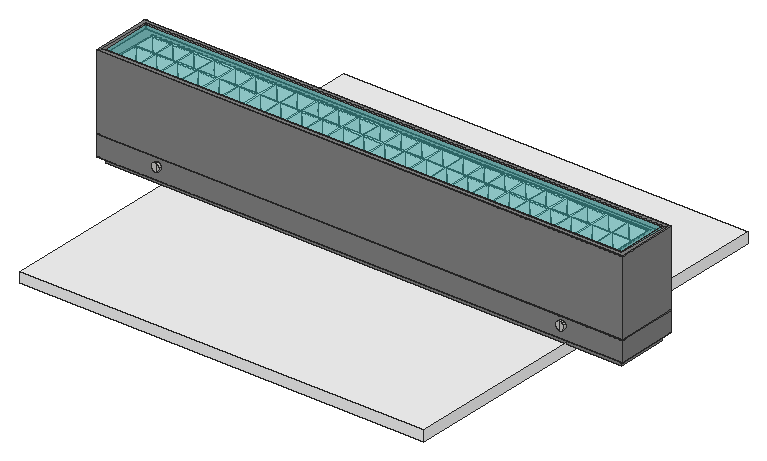
Revit family "BE_24309_de_DE", category Leuchten, Revit 2015
Parameters (values of type "BEGA_24309_Grafit_K4")
  built-in parameter 1150104 = 16.606 (stored number, unit not read)
  Wattage = 16 W
  Default Elevation = 0 mm
  built-in parameter 1150113 = 1 (stored number, unit not read)
  built-in parameter 1114218 = 1 (stored number, unit not read)
  Umgebungstemperatur = "25 °C"
  URL = "http://www.bega.de/produkt/24309"
  Typenkommentare = "© 2017 BEGA. Wir behalten uns das Recht vor, technische Änderungen ohne vorherige Ankündigung vorzunehmen."  # constant formula
  Type Image = 24309.png
  built-in parameter 1150134 = 12
  built-in parameter 1150109 = 1 (stored number, unit not read)
  Strom = ""
  built-in parameter 1150110 = 1 (stored number, unit not read)
  Spannung = 239.996 V
  Sonderanfertigung = no
  Seriennummer [instance] = "Hier können Sie die eindeutige Seriennummer für das Facility Management eintragen."
  Schutzklasse = "I"
  Schutzart = "IP 65"
  Scheinlast = 0 VA
  Produktdatenblatt = "http://www.bega.de/download/Xrfa/db/24309.db.de.pdf"
  Oberflächentemperatur = ""
  Neigungswinkel = 0.00°
  Modell = "24309K4"
  Material_17 = BEGA_Reflektor
  Material_15 = BEGA_Leuchtmedium_matt
  Material_11 = BEGA_Glas_opal
  Material_09 = BEGA_Glas_klar
  Material_06 = BEGA_Oberfläche_Edelstahl_gebürstet
  Material_05 = BEGA_Oberfläche_Aluminium Guss
  Material_03 = BEGA_Oberfläche_Weiss_matt
  Material_02 = BEGA_Oberfläche_Silber_matt
  Material_01 [instance] = BEGA_Oberfläche_Grafit_matt
  M_W = no
  M_G = yes
  M_A = no
  Logo = 0
  built-in parameter 1114217 = 1 (stored number, unit not read)
  built-in parameter 1150139 = (empty or 0)
  built-in parameter 1150105 = 227.59 (stored number, unit not read)
  built-in parameter 1150114 = 1 (stored number, unit not read)
  Lumens = 2860 lm
  built-in parameter 1150115 = 1 (stored number, unit not read)
  Leuchtenlichtstrom = "1584 lm"
  Leuchtenanzahl = ""
  Lebensdauerkriterien = "L70B50 @ 25 °C = 500000 h"
  Lastklassifizierung = Beleuchtung
  built-in parameter 1150112 = 1 (stored number, unit not read)
  Lampenlichtstrom = "2860 lm"
  Lampe = "LED 16 W"
  LED_Modulbezeichnung = "LED-0772/840"
  built-in parameter 1150142 = (empty or 0)
  Hersteller = "BEGA"  # constant formula
  Halbstreuwinkel = ""
  Gewicht = "2.9 kg"
  Gebrauchslageneinschränkung [instance] = ""
  Frequenz = "0/50-60 Hz"
  Farbwiedergabeindex = "Ra > 80"
  Farbtemperaturverschiebung bei Dämpfen der Lampe = <Keine Auswahl>
  Farbtemperatur = "4000 K"
  Color Filter = 16777215
  built-in parameter 1150133 = 10 (stored number, unit not read)
  Energieeffizienzklasse = "LED A++ - A"
  built-in parameter 1150137 = (empty or 0)
  built-in parameter 1150132 = (empty or 0)
  ENEC = ""
  Dimmbar [instance] = "DALI"
  Datei für fotometrisches Netz = "BE_24309K4.IES"
  CE_Konformität = "ja"
  Bestellnummer = "24309K4"
  Beschreibung_Sonderanfertigung = "Hier können Sie Informationen zur Sonderanfertigung eintragen."
  Beschreibung = "Deckenaufbau-Tiefstrahler"
  built-in parameter 1150106 = 2.2759 (stored number, unit not read)
  Befestigungsbohrung = "Ø 7 mm"
  Befestigungsabstand = "320 mm"
  Ballwurfsicher = ""
  BEGA_Intern_aus = yes
  BEGA_Intern_an = yes
  BEGA_Intern_Konstruktion = yes
  BEGA_Intern = yes
  BEGA_IES = yes
  BEGA_Dummy = no
  Anschlussleitung = ""
  Anschlussleistung [instance] = "19 W"
  Anschlusskasten = ""
  built-in parameter 1150107 = 4000 (stored number, unit not read)
  built-in parameter 1150102 = (empty or 0)
  built-in parameter 1150138 = (empty or 0)
  Aktualisierung = "2017-06-23T04:08:42"
  Abstand_zur_angestrahlten_Fläche [instance] = ""
  AC/DC = "AC/DC"
Types (2, lengths in mm): name | built-in parameter 1150104 | built-in parameter 1150134 | Modell | built-in parameter 1150105 | Lumens | Leuchtenlichtstrom | Lampenlichtstrom | LED_Modulbezeichnung | Farbtemperatur | Datei für fotometrisches Netz | Bestellnummer | built-in parameter 1150106 | built-in parameter 1150107
  BEGA_24309_Grafit_K3 | 16.258 (stored number, unit not read) | (empty or 0) | "24309" | 222.82 (stored number, unit not read) | 2800 lm | "1551 lm" | "2800 lm" | "LED-0772/830" | "3000 K" | "BE_24309.IES" | "24309" | 2.2282 (stored number, unit not read) | 3000 (stored number, unit not read)
  BEGA_24309_Grafit_K4 | 16.606 (stored number, unit not read) | 12 | "24309K4" | 227.59 (stored number, unit not read) | 2860 lm | "1584 lm" | "2860 lm" | "LED-0772/840" | "4000 K" | "BE_24309K4.IES" | "24309K4" | 2.2759 (stored number, unit not read) | 4000 (stored number, unit not read)
Reference planes
  plane 1 "Mitte (Vorne/Hinten)": y = 0
  plane 2: z = 0
  plane 3 "Mitte (Links/Rechts)": x = 0
  plane 4 "Links": x = -260.3
  plane 5 "Rechts": x = 260
  plane 6 "Unten": y = -30
  plane 7 "Oben": y = 30
  plane 8 "Vorne": z = 101
  plane 9 "Hinten": z = 0
Forms (mm)
  Extrusion 1, solid, material "BEGA_Platte_Weiss"
    sketch origin (0, -1119.2, 0) x (1, 0, 0) y (0, 1, 0)
      loop
        line (-200, 1319.2) -> (-200, 919.2) -> (200, 919.2) -> (200, 1319.2) -> (-200, 1319.2)
    from 0 to -10
  Extrusion 2, solid, material "BEGA_Dummy_matt", visible <- "BEGA_Dummy"
    sketch origin (80.095, -76.023, 0) x (1, 0, 0) y (0, 1, 0)
      loop
        line (-340.395, 106.023) -> (-340.395, 46.023) -> (179.905, 46.023) -> (179.905, 106.023) -> (-340.395, 106.023)
    from 0 to 101
Dimensions and locks
  plane 1 "Mitte (Vorne/Hinten)" to Extrusion 1 = 200 mm
  aligned and locked: plane 2 to Extrusion 1
  aligned and locked: level to Extrusion 1
Nested families
  nested 1: "BE_24309" at (0, 0, 0) x (-1, 0, 0) z (0, 0, 1), type "BE_24309"
Connectors
  electrical at (0, 0, 0), driven by "Lastklassifizierung", driven by "Spannung", driven by "Scheinlast"
    settings: index 1, voltage 239.996 V, apparent load 0 VA, apparent load phase1 0 VA, apparent load phase2 0 VA, apparent load phase3 0 VA, power factor 1, load classification "Beleuchtung", number of poles 1, system type 31, power factor state 1, is connector primary yes, connector utility no, sub classification motor no, connector description ""
Definition of nested family "BE_24309"
  Parameters (values of type "BE_24309")
    Default Elevation = 1 mm
    URL = "http://www.bega.de/de/produkt"
    Type Comments = "© 2015 BEGA. Wir behalten uns das Recht vor, technische Änderungen ohne vorherige Ankündigung vorzunehmen. "  # constant formula
    Type Image = (empty or 0)
    Neigungswinkel_um_Z2 = 0.00°
    Neigungswinkel_um_Z1 = 0.00°
    Neigungswinkel_um_Y2 = 0.00°
    Neigungswinkel_um_Y1 = 0.00°
    Neigungswinkel_um_X2 = 0.00°
    Neigungswinkel_um_X1 = 0.00°
    Material_17 = none
    Material_15 = none
    Material_11 = none
    Material_09 = none
    Material_06 = none
    Material_05 = none
    Material_03 = none
    Material_02 = none
    Material_01 = none
    M_W = yes
    M_G = yes
    M_A = yes
    Länge_Platte = 700 mm  # constant formula
    Höhe_Platte = -10 mm  # constant formula
    Manufacturer = "BEGA"  # constant formula
    Drehwinkel_um_Z2 = 0.00°
    Drehwinkel_um_Z1 = 0.00°
    Breite_Platte = 200 mm  # constant formula
  Reference planes
    plane 1 "Mitte (Oben/Unten)": y = 0
    plane 2: z = 0
    plane 3 "Mitte (Links/Rechts)": x = 0
    plane 4: x = -260
    plane 5: z = 101
    plane 6: x = 260.3
    plane 7: y = 30
    plane 8: y = -30
  Forms (mm)
    Extrusion 1, solid, detail levels medium
      sketch origin (0, 0, 0) x (1, 0, 0) y (0, 1, 0)
        loop
          line (-350, 100) -> (-350, -100) -> (350, -100) -> (350, 100) -> (-350, 100)
      from 0 to -10 <- "Höhe_Platte"
    Extrusion 2, solid, material <- "Material_17", detail levels medium+fine
      sketch origin (0, 0, 0) x (1, 0, 0) y (0, 0, 1)
        loop
          line (-245.511, 95.215) -> (-238.903, 68.352) -> (-238.903, 70.445) -> (-245.2, 96.045) -> (-246.5, 96.045) -> (-246.5, 95.215) -> (-245.511, 95.215)
        loop
          line (-232.297, 68.352) -> (-225.977, 94.045) -> (-225.023, 94.045) -> (-218.703, 68.352) -> (-218.703, 70.445) -> (-225, 96.045) -> (-226, 96.045) -> (-232.297, 70.445) -> (-232.297, 68.352)
        loop
          line (-205.8, 96.045) -> (-212.097, 70.445) -> (-212.097, 68.352) -> (-205.777, 94.045) -> (-204.223, 94.045) -> (-197.903, 68.352) -> (-197.903, 70.445) -> (-204.2, 96.045) -> (-205.8, 96.045)
        loop
          line (-185, 96.045) -> (-191.297, 70.445) -> (-191.297, 68.352) -> (-184.977, 94.045) -> (-184.023, 94.045) -> (-177.703, 68.352) -> (-177.703, 70.445) -> (-184, 96.045) -> (-185, 96.045)
        loop
          line (-163.2, 96.045) -> (-164.8, 96.045) -> (-171.097, 70.445) -> (-171.097, 68.352) -> (-164.777, 94.045) -> (-163.223, 94.045) -> (-156.903, 68.352) -> (-156.903, 70.445) -> (-163.2, 96.045)
        loop
          line (-144, 96.045) -> (-150.297, 70.445) -> (-150.297, 68.352) -> (-143.977, 94.045) -> (-143.023, 94.045) -> (-136.703, 68.352) -> (-136.703, 70.445) -> (-143, 96.045) -> (-144, 96.045)
        loop
          line (-123.777, 94.045) -> (-122.223, 94.045) -> (-115.903, 68.352) -> (-115.903, 70.445) -> (-122.2, 96.045) -> (-123.8, 96.045) -> (-130.097, 70.445) -> (-130.097, 68.352) -> (-123.777, 94.045)
        loop
          line (-102, 96.045) -> (-103, 96.045) -> (-109.297, 70.445) -> (-109.297, 68.352) -> (-102.977, 94.045) -> (-102.023, 94.045) -> (-95.703, 68.352) -> (-95.703, 70.445) -> (-102, 96.045)
        loop
          line (-89.097, 68.352) -> (-82.777, 94.045) -> (-81.223, 94.045) -> (-74.903, 68.352) -> (-74.903, 70.445) -> (-81.2, 96.045) -> (-82.8, 96.045) -> (-89.097, 70.445) -> (-89.097, 68.352)
        loop
          line (-68.297, 68.352) -> (-61.977, 94.045) -> (-61.023, 94.045) -> (-54.703, 68.352) -> (-54.703, 70.445) -> (-61, 96.045) -> (-62, 96.045) -> (-68.297, 70.445) -> (-68.297, 68.352)
        loop
          line (-41.8, 96.045) -> (-48.097, 70.445) -> (-48.097, 68.352) -> (-41.777, 94.045) -> (-40.223, 94.045) -> (-33.903, 68.352) -> (-33.903, 70.445) -> (-40.2, 96.045) -> (-41.8, 96.045)
        loop
          line (-20.977, 94.045) -> (-20.023, 94.045) -> (-13.703, 68.352) -> (-13.703, 70.445) -> (-20, 96.045) -> (-21, 96.045) -> (-27.297, 70.445) -> (-27.297, 68.352) -> (-20.977, 94.045)
        loop
          line (0.8, 96.045) -> (-0.8, 96.045) -> (-7.097, 70.445) -> (-7.097, 68.352) -> (-0.777, 94.045) -> (0.777, 94.045) -> (7.097, 68.352) -> (7.097, 70.445) -> (0.8, 96.045)
        loop
          line (20, 96.045) -> (13.703, 70.445) -> (13.703, 68.352) -> (20.023, 94.045) -> (20.977, 94.045) -> (27.297, 68.352) -> (27.297, 70.445) -> (21, 96.045) -> (20, 96.045)
        loop
          line (33.903, 70.445) -> (33.903, 68.352) -> (40.223, 94.045) -> (41.777, 94.045) -> (48.097, 68.352) -> (48.097, 70.445) -> (41.8, 96.045) -> (40.2, 96.045) -> (33.903, 70.445)
        loop
          line (61, 96.045) -> (54.703, 70.445) -> (54.703, 68.352) -> (61.023, 94.045) -> (61.977, 94.045) -> (68.297, 68.352) -> (68.297, 70.445) -> (62, 96.045) -> (61, 96.045)
        loop
          line (81.2, 96.045) -> (74.903, 70.445) -> (74.903, 68.352) -> (81.223, 94.045) -> (82.777, 94.045) -> (89.097, 68.352) -> (89.097, 70.445) -> (82.8, 96.045) -> (81.2, 96.045)
        loop
          line (102, 96.045) -> (95.703, 70.445) -> (95.703, 68.352) -> (102.023, 94.045) -> (102.977, 94.045) -> (109.297, 68.352) -> (109.297, 70.445) -> (103, 96.045) -> (102, 96.045)
        loop
          line (115.903, 70.445) -> (115.903, 68.352) -> (122.223, 94.045) -> (123.777, 94.045) -> (130.097, 68.352) -> (130.097, 70.445) -> (123.8, 96.045) -> (122.2, 96.045) -> (115.903, 70.445)
        loop
          line (143, 96.045) -> (136.703, 70.445) -> (136.703, 68.352) -> (143.023, 94.045) -> (143.977, 94.045) -> (150.297, 68.352) -> (150.297, 70.445) -> (144, 96.045) -> (143, 96.045)
        loop
          line (163.2, 96.045) -> (156.903, 70.445) -> (156.903, 68.352) -> (163.223, 94.045) -> (164.777, 94.045) -> (171.097, 68.352) -> (171.097, 70.445) -> (164.8, 96.045) -> (163.2, 96.045)
        loop
          line (184, 96.045) -> (177.703, 70.445) -> (177.703, 68.352) -> (184.023, 94.045) -> (184.977, 94.045) -> (191.297, 68.352) -> (191.297, 70.445) -> (185, 96.045) -> (184, 96.045)
        loop
          line (197.903, 68.352) -> (204.223, 94.045) -> (205.777, 94.045) -> (212.097, 68.352) -> (212.097, 70.445) -> (205.8, 96.045) -> (204.2, 96.045) -> (197.903, 70.445) -> (197.903, 68.352)
        loop
          line (226, 96.045) -> (225, 96.045) -> (218.703, 70.445) -> (218.703, 68.352) -> (225.023, 94.045) -> (225.977, 94.045) -> (232.297, 68.352) -> (232.297, 70.445) -> (226, 96.045)
        loop
          line (238.903, 68.352) -> (245.511, 95.215) -> (246.5, 95.215) -> (246.5, 96.045) -> (245.2, 96.045) -> (238.903, 70.445) -> (238.903, 68.352)
      from -21 to 21
    Extrusion 3, solid, material <- "Material_17", detail levels medium+fine
      sketch origin (0, 0, 0) x (0, 1, 0) y (0, 0, 1)
        loop
          line (20.011, 95.215) -> (21.642, 95.215) -> (21.642, 96.045) -> (19.7, 96.045) -> (13.403, 70.445) -> (13.403, 68.352) -> (20.011, 95.215)
        loop
          line (6.797, 68.352) -> (6.797, 70.445) -> (0.5, 96.045) -> (-0.5, 96.045) -> (-6.797, 70.445) -> (-6.797, 68.352) -> (-0.477, 94.045) -> (0.477, 94.045) -> (6.797, 68.352)
        loop
          line (-19.7, 96.045) -> (-21.486, 96.045) -> (-21.486, 95.215) -> (-20.011, 95.215) -> (-13.403, 68.352) -> (-13.403, 70.445) -> (-19.7, 96.045)
      from -246.5 to 246.5
    Sweep 4, solid, material <- "Material_01", detail levels medium+fine
      path origin (0, 0, 0) x (1, 0, 0) y (0, 1, 0)
        loop
          line (-260, 30) -> (-260, -30) -> (260.3, -30) -> (260.3, 30) -> (-260, 30)
      profile origin (0.15, 30, 0) x (0, 1, 0) y (0, 0, 1)
        loop
          line (-0.5, 101) -> (-3.044, 101) -> (-4.682, 96.5) -> (-8, 96.5) -> (-8, 94) -> (-2.8, 94) -> (-2.8, 26) -> (-0.5, 26)
          arc (-0.5, 26) -> (-0.146, 26.146) -> (0, 26.5) r 0.5
          line (0, 26.5) -> (0, 100.5)
          arc (0, 100.5) -> (-0.146, 100.854) -> (-0.5, 101) r 0.5
    Extrusion 5, solid, material <- "Material_01", detail levels medium+fine
      sketch origin (0, 0, 0) x (1, 0, 0) y (0, 0, 1)
        loop
          line (246.5, 94) -> (252.3, 94) -> (252.3, 96.5) -> (246.5, 96.5) -> (246.5, 94)
        loop
          line (-246.5, 94) -> (-246.5, 96.5) -> (-252.3, 96.5) -> (-252.3, 94) -> (-246.5, 94)
      from -22.05 to 22.05
    Extrusion 6, solid, material <- "Material_09", detail levels medium+fine
      sketch origin (0, 0, 0) x (0, 1, 0) y (0, 0, 1)
        loop
          line (25, 96.7) -> (25, 100.7) -> (-25, 100.7) -> (-25, 96.7) -> (25, 96.7)
      from -255 to 255
    Extrusion 7, solid, material <- "Material_15", detail levels medium+fine
      sketch origin (0, 0, 0) x (1, 0, 0) y (0, 1, 0)
        loop
          line (-237, 11.5) -> (-237, 8.5) -> (-234, 8.5) -> (-234, 11.5) -> (-237, 11.5)
        loop
          line (-217, 11.5) -> (-217, 8.5) -> (-214, 8.5) -> (-214, 11.5) -> (-217, 11.5)
        loop
          line (-196, 11.5) -> (-196, 8.5) -> (-193, 8.5) -> (-193, 11.5) -> (-196, 11.5)
        loop
          line (-176, 11.5) -> (-176, 8.5) -> (-173, 8.5) -> (-173, 11.5) -> (-176, 11.5)
        loop
          line (-155, 11.5) -> (-155, 8.5) -> (-152, 8.5) -> (-152, 11.5) -> (-155, 11.5)
        loop
          line (-135, 11.5) -> (-135, 8.5) -> (-132, 8.5) -> (-132, 11.5) -> (-135, 11.5)
        loop
          line (-114, 11.5) -> (-114, 8.5) -> (-111, 8.5) -> (-111, 11.5) -> (-114, 11.5)
        loop
          line (-94, 11.5) -> (-94, 8.5) -> (-91, 8.5) -> (-91, 11.5) -> (-94, 11.5)
        loop
          line (-73, 11.5) -> (-73, 8.5) -> (-70, 8.5) -> (-70, 11.5) -> (-73, 11.5)
        loop
          line (-53, 11.5) -> (-53, 8.5) -> (-50, 8.5) -> (-50, 11.5) -> (-53, 11.5)
        loop
          line (-32, 11.5) -> (-32, 8.5) -> (-29, 8.5) -> (-29, 11.5) -> (-32, 11.5)
        loop
          line (-12, 11.5) -> (-12, 8.5) -> (-9, 8.5) -> (-9, 11.5) -> (-12, 11.5)
        loop
          line (-237, -11.5) -> (-234, -11.5) -> (-234, -8.5) -> (-237, -8.5) -> (-237, -11.5)
        loop
          line (-217, -11.5) -> (-214, -11.5) -> (-214, -8.5) -> (-217, -8.5) -> (-217, -11.5)
        loop
          line (-196, -11.5) -> (-193, -11.5) -> (-193, -8.5) -> (-196, -8.5) -> (-196, -11.5)
        loop
          line (-176, -11.5) -> (-173, -11.5) -> (-173, -8.5) -> (-176, -8.5) -> (-176, -11.5)
        loop
          line (-155, -11.5) -> (-152, -11.5) -> (-152, -8.5) -> (-155, -8.5) -> (-155, -11.5)
        loop
          line (-135, -11.5) -> (-132, -11.5) -> (-132, -8.5) -> (-135, -8.5) -> (-135, -11.5)
        loop
          line (-114, -11.5) -> (-111, -11.5) -> (-111, -8.5) -> (-114, -8.5) -> (-114, -11.5)
        loop
          line (-94, -11.5) -> (-91, -11.5) -> (-91, -8.5) -> (-94, -8.5) -> (-94, -11.5)
        loop
          line (-73, -11.5) -> (-70, -11.5) -> (-70, -8.5) -> (-73, -8.5) -> (-73, -11.5)
        loop
          line (-53, -11.5) -> (-50, -11.5) -> (-50, -8.5) -> (-53, -8.5) -> (-53, -11.5)
        loop
          line (-32, -11.5) -> (-29, -11.5) -> (-29, -8.5) -> (-32, -8.5) -> (-32, -11.5)
        loop
          line (-12, -11.5) -> (-9, -11.5) -> (-9, -8.5) -> (-12, -8.5) -> (-12, -11.5)
        loop
          line (237, 11.5) -> (234, 11.5) -> (234, 8.5) -> (237, 8.5) -> (237, 11.5)
        loop
          line (217, 11.5) -> (214, 11.5) -> (214, 8.5) -> (217, 8.5) -> (217, 11.5)
        loop
          line (196, 11.5) -> (193, 11.5) -> (193, 8.5) -> (196, 8.5) -> (196, 11.5)
        loop
          line (176, 11.5) -> (173, 11.5) -> (173, 8.5) -> (176, 8.5) -> (176, 11.5)
        loop
          line (155, 11.5) -> (152, 11.5) -> (152, 8.5) -> (155, 8.5) -> (155, 11.5)
        loop
          line (135, 11.5) -> (132, 11.5) -> (132, 8.5) -> (135, 8.5) -> (135, 11.5)
        loop
          line (114, 11.5) -> (111, 11.5) -> (111, 8.5) -> (114, 8.5) -> (114, 11.5)
        loop
          line (94, 11.5) -> (91, 11.5) -> (91, 8.5) -> (94, 8.5) -> (94, 11.5)
        loop
          line (73, 11.5) -> (70, 11.5) -> (70, 8.5) -> (73, 8.5) -> (73, 11.5)
        loop
          line (53, 11.5) -> (50, 11.5) -> (50, 8.5) -> (53, 8.5) -> (53, 11.5)
        loop
          line (32, 11.5) -> (29, 11.5) -> (29, 8.5) -> (32, 8.5) -> (32, 11.5)
        loop
          line (12, 11.5) -> (9, 11.5) -> (9, 8.5) -> (12, 8.5) -> (12, 11.5)
        loop
          line (237, -11.5) -> (237, -8.5) -> (234, -8.5) -> (234, -11.5) -> (237, -11.5)
        loop
          line (217, -11.5) -> (217, -8.5) -> (214, -8.5) -> (214, -11.5) -> (217, -11.5)
        loop
          line (196, -11.5) -> (196, -8.5) -> (193, -8.5) -> (193, -11.5) -> (196, -11.5)
        loop
          line (176, -11.5) -> (176, -8.5) -> (173, -8.5) -> (173, -11.5) -> (176, -11.5)
        loop
          line (155, -11.5) -> (155, -8.5) -> (152, -8.5) -> (152, -11.5) -> (155, -11.5)
        loop
          line (135, -11.5) -> (135, -8.5) -> (132, -8.5) -> (132, -11.5) -> (135, -11.5)
        loop
          line (114, -11.5) -> (114, -8.5) -> (111, -8.5) -> (111, -11.5) -> (114, -11.5)
        loop
          line (94, -11.5) -> (94, -8.5) -> (91, -8.5) -> (91, -11.5) -> (94, -11.5)
        loop
          line (73, -11.5) -> (73, -8.5) -> (70, -8.5) -> (70, -11.5) -> (73, -11.5)
        loop
          line (53, -11.5) -> (53, -8.5) -> (50, -8.5) -> (50, -11.5) -> (53, -11.5)
        loop
          line (32, -11.5) -> (32, -8.5) -> (29, -8.5) -> (29, -11.5) -> (32, -11.5)
        loop
          line (12, -11.5) -> (12, -8.5) -> (9, -8.5) -> (9, -11.5) -> (12, -11.5)
      from 70 to 69.119
    Sweep 8, solid, material <- "Material_01", detail levels medium+fine
      path origin (0, 0, 0) x (1, 0, 0) y (0, 1, 0)
        loop
          line (260, 30) -> (-259.985, 30) -> (-259.985, -30) -> (260, -30) -> (260, 30)
      profile origin (0.008, 30, 0) x (0, -1, 0) y (0, 0, 1)
        loop
          arc (0, 6.5) -> (0.146, 6.146) -> (0.5, 6) r 0.5
          line (0.5, 6) -> (5, 6) -> (5, 0) -> (25, 0) -> (25, 10) -> (4, 10) -> (4, 26) -> (0, 26) -> (0, 6.5)
    Extrusion 9, solid, material <- "Material_01", detail levels medium+fine
      sketch origin (0, 0, 0) x (0, 1, 0) y (0, 0, 1)
        loop
          line (5, 10) -> (-5, 10) -> (-5, 0) -> (5, 0) -> (5, 10)
      from 237 to -236
    Extrusion 10, void
      sketch origin (0, 0, 0) x (1, 0, 0) y (0, 1, 0)
        loop
          arc (-80, 20) -> (-100, 0) -> (-80, -20) r 20
          line (-80, -20) -> (80, -20)
          arc (80, -20) -> (100, 0) -> (80, 20) r 20
          line (80, 20) -> (-80, 20)
        loop
          arc (155, 3.5) -> (151.5, 0) -> (155, -3.5) r 3.5
          line (155, -3.5) -> (165, -3.5)
          arc (165, -3.5) -> (168.5, 0) -> (165, 3.5) r 3.5
          line (165, 3.5) -> (155, 3.5)
        loop
          arc (-163.5, -5) -> (-160, -8.5) -> (-156.5, -5) r 3.5
          line (-156.5, -5) -> (-156.5, 5)
          arc (-156.5, 5) -> (-160, 8.5) -> (-163.5, 5) r 3.5
          line (-163.5, 5) -> (-163.5, -5)
      from 11.948 to -0.793
    Revolve 11, solid, material <- "Material_06", detail levels fine
      sketch origin (-200, 0, 0) x (0, 1, 0) y (0, 0, 1)
        loop
          line (30, 22.75) -> (30, 18.8) -> (32.2, 18.8) -> (32.2, 22.75) -> (30, 22.75)
        axis (30, 18.8) -> (32.2, 18.8)
      angle from 0 to 360
    Revolve 12, solid, material <- "Material_06", detail levels fine
      sketch origin (200, 0, 0) x (0, 1, 0) y (0, 0, -1)
        loop
          line (30, -22.75) -> (32.2, -22.75) -> (32.2, -18.8) -> (30, -18.8) -> (30, -22.75)
        axis (30, -18.8) -> (32.2, -18.8)
      angle from 0 to 360
  Cuts and joins
    joined: Extrusion 2, Extrusion 3
    joined: Sweep 4, Extrusion 5
    Extrusion 10 cuts Sweep 8
    Extrusion 10 cuts Extrusion 9
    joined: Sweep 8, Extrusion 9
  Dimensions and locks
    equal spacing: Extrusion 1 sketch curve, plane 3 "Mitte (Links/Rechts)", Extrusion 1 sketch curve
    equal spacing: Extrusion 1 sketch curve, plane 1 "Mitte (Oben/Unten)", Extrusion 1 sketch curve
    "Länge_Platte": Extrusion 1 sketch curve to Extrusion 1 sketch curve
    "Breite_Platte": Extrusion 1 sketch curve to Extrusion 1 sketch curve
    aligned and locked: Extrusion 1 to plane 2
    aligned and locked: level to Extrusion 1
  Automatic sketch dimensions
    Extrusion 2 sketch curve to Extrusion 2 sketch curve = 0.989 mm  (x2)
    Extrusion 2 sketch curve to Extrusion 2 sketch curve = 0.311 mm  (x2)
    Extrusion 2 sketch curve to Extrusion 2 sketch curve = 6.608 mm
    Extrusion 2 sketch curve to Extrusion 2 sketch curve = 6.605 mm  (x24)
    Extrusion 2 sketch curve to Extrusion 2 sketch curve = 19.2 mm  (x23)
    Extrusion 2 sketch curve to Extrusion 2 sketch curve = 0.023 mm  (x22)
    Extrusion 2 sketch curve to Extrusion 2 sketch curve = 0.954 mm  (x12)
    Extrusion 2 sketch curve to Extrusion 2 sketch curve = 1 mm  (x12)
    Extrusion 2 sketch curve to Extrusion 2 sketch curve = 13.595 mm  (x12)
    Extrusion 2 sketch curve to Extrusion 2 sketch curve = 1.554 mm  (x10)
    Extrusion 2 sketch curve to Extrusion 2 sketch curve = 1.6 mm  (x10)
    Extrusion 2 sketch curve to Extrusion 2 sketch curve = 14.195 mm  (x10)
    Extrusion 2 sketch curve to plane 3 "Mitte (Links/Rechts)" = 0.8 mm
    Extrusion 2 sketch curve to plane 3 "Mitte (Links/Rechts)" = 0.777 mm
    plane 3 "Mitte (Links/Rechts)" to Extrusion 2 sketch curve = 0.777 mm
    plane 3 "Mitte (Links/Rechts)" to Extrusion 2 sketch curve = 0.8 mm
    plane 3 "Mitte (Links/Rechts)" to Extrusion 2 sketch curve = 7.097 mm
    level to Extrusion 2 sketch curve = 68.352 mm  (x3)
    Extrusion 2 sketch curve to Extrusion 2 sketch curve = 0 mm  (x64)
    Extrusion 2 sketch curve to Extrusion 2 sketch curve = 2.093 mm  (x48)
    Extrusion 2 sketch curve to Extrusion 2 sketch curve = 23.6 mm  (x4)
    Extrusion 2 sketch curve to Extrusion 2 sketch curve = 1.169 mm  (x2)
    Extrusion 2 sketch curve to Extrusion 2 sketch curve = 2 mm  (x23)
    Extrusion 2 sketch curve to Extrusion 2 sketch curve = 0.831 mm  (x2)
    plane 1 "Mitte (Oben/Unten)" to Extrusion 3 sketch curve = 21.486 mm
    Extrusion 3 sketch curve to Extrusion 3 sketch curve = 1.476 mm
    Extrusion 3 sketch curve to Extrusion 3 sketch curve = 0.311 mm  (x2)
    plane 1 "Mitte (Oben/Unten)" to Extrusion 3 sketch curve = 13.403 mm
    Extrusion 3 sketch curve to Extrusion 3 sketch curve = 6.605 mm  (x2)
    plane 1 "Mitte (Oben/Unten)" to Extrusion 3 sketch curve = 0.5 mm
    plane 1 "Mitte (Oben/Unten)" to Extrusion 3 sketch curve = 0.477 mm
    Extrusion 3 sketch curve to plane 1 "Mitte (Oben/Unten)" = 0.477 mm
    Extrusion 3 sketch curve to plane 1 "Mitte (Oben/Unten)" = 0.5 mm
    Extrusion 3 sketch curve to plane 1 "Mitte (Oben/Unten)" = 6.797 mm
    Extrusion 3 sketch curve to Extrusion 3 sketch curve = 19.2 mm
    Extrusion 3 sketch curve to Extrusion 3 sketch curve = 1.631 mm
    level to Extrusion 3 sketch curve = 68.352 mm
    Extrusion 3 sketch curve to Extrusion 3 sketch curve = 0 mm  (x3)
    Extrusion 3 sketch curve to Extrusion 3 sketch curve = 2.093 mm  (x4)
    Extrusion 3 sketch curve to Extrusion 3 sketch curve = 23.6 mm
    Extrusion 3 sketch curve to Extrusion 3 sketch curve = 1.169 mm  (x2)
    Extrusion 3 sketch curve to Extrusion 3 sketch curve = 0.831 mm  (x2)
    Extrusion 3 sketch curve to Extrusion 3 sketch curve = 2 mm
    plane 1 "Mitte (Oben/Unten)" to Sweep 4 sketch curve = 30 mm
    Sweep 4 sketch curve to plane 1 "Mitte (Oben/Unten)" = 30 mm
    Sweep 4 sketch curve to profile plane = 0 mm
    profile plane to Sweep 4 sketch curve = 0.5 mm
    Sweep 4 sketch curve to Sweep 4 sketch curve = 0.5 mm
    Sweep 4 sketch curve to Sweep 4 sketch curve = 2.3 mm
    Sweep 4 sketch curve to Sweep 4 sketch curve = 2.544 mm
    Sweep 4 sketch curve to Sweep 4 sketch curve = 1.882 mm
    Sweep 4 sketch curve to Sweep 4 sketch curve = 3.318 mm
    level to Sweep 4 sketch curve = 26 mm
    Sweep 4 sketch curve to Sweep 4 sketch curve = 67.5 mm
    Sweep 4 sketch curve to Sweep 4 sketch curve = 2.5 mm
    Sweep 4 sketch curve to Sweep 4 sketch curve = 4 mm
    Extrusion 5 sketch curve to Extrusion 5 sketch curve = 5.8 mm  (x2)
    level to Extrusion 5 sketch curve = 94 mm  (x2)
    Extrusion 5 sketch curve to Extrusion 5 sketch curve = 2.5 mm  (x2)
    plane 1 "Mitte (Oben/Unten)" to Extrusion 6 sketch curve = 25 mm
    Extrusion 6 sketch curve to plane 1 "Mitte (Oben/Unten)" = 25 mm
    level to Extrusion 6 sketch curve = 96.7 mm
    Extrusion 6 sketch curve to Extrusion 6 sketch curve = 4 mm
    Extrusion 7 sketch curve to plane 1 "Mitte (Oben/Unten)" = 11.5 mm
    Extrusion 7 sketch curve to Extrusion 7 sketch curve = 0 mm  (x17)
    Extrusion 7 sketch curve to Extrusion 7 sketch curve = 3 mm  (x96)
    plane 1 "Mitte (Oben/Unten)" to Extrusion 7 sketch curve = 8.5 mm  (x16)
    Extrusion 7 sketch curve to plane 1 "Mitte (Oben/Unten)" = 8.5 mm  (x23)
    Extrusion 7 sketch curve to Extrusion 7 sketch curve = 17 mm  (x14)
    Extrusion 7 sketch curve to Extrusion 7 sketch curve = 18 mm  (x13)
    Extrusion 7 sketch curve to plane 3 "Mitte (Links/Rechts)" = 12 mm  (x2)
    plane 3 "Mitte (Links/Rechts)" to Extrusion 7 sketch curve = 9 mm  (x2)
    plane 1 "Mitte (Oben/Unten)" to Extrusion 7 sketch curve = 11.5 mm  (x8)
    plane 1 "Mitte (Oben/Unten)" to Sweep 8 sketch curve = 30 mm
    Sweep 8 sketch curve to plane 1 "Mitte (Oben/Unten)" = 30 mm
    Sweep 8 sketch curve to profile plane = 0 mm
    Sweep 8 sketch curve to level = 0 mm
    Sweep 8 sketch curve to Sweep 8 sketch curve = 0.5 mm
    Sweep 8 sketch curve to Sweep 8 sketch curve = 4 mm  (x2)
    Sweep 8 sketch curve to Sweep 8 sketch curve = 1 mm
    Sweep 8 sketch curve to Sweep 8 sketch curve = 20 mm
    level to Sweep 8 sketch curve = 6 mm
    Sweep 8 sketch curve to Sweep 8 sketch curve = 16 mm
    Extrusion 9 sketch curve to level = 0 mm
    plane 1 "Mitte (Oben/Unten)" to Extrusion 9 sketch curve = 5 mm
    Extrusion 9 sketch curve to plane 1 "Mitte (Oben/Unten)" = 5 mm
    Extrusion 9 sketch curve to Extrusion 9 sketch curve = 10 mm
    plane 1 "Mitte (Oben/Unten)" to Extrusion 10 sketch curve = 0 mm  (x2)
    plane 1 "Mitte (Oben/Unten)" to Extrusion 10 sketch curve = 5 mm
    Extrusion 10 sketch curve to Extrusion 10 sketch curve = 3.5 mm
    plane 1 "Mitte (Oben/Unten)" to Extrusion 10 sketch curve = 20 mm
    Extrusion 10 sketch curve to Extrusion 10 sketch curve = 76.5 mm
    plane 3 "Mitte (Links/Rechts)" to Extrusion 10 sketch curve = 80 mm
    plane 1 "Mitte (Oben/Unten)" to Extrusion 10 sketch curve = 3.5 mm
    Extrusion 10 sketch curve to Extrusion 10 sketch curve = 10 mm
    Extrusion 10 sketch curve to plane 1 "Mitte (Oben/Unten)" = 5 mm
    Extrusion 10 sketch curve to Extrusion 10 sketch curve = 0 mm  (x2)
    Revolve 11 sketch curve to plane 1 "Mitte (Oben/Unten)" = 30 mm
    Revolve 11 sketch curve to Revolve 11 sketch curve = 2.2 mm
    level to Revolve 11 sketch curve = 18.8 mm
    Revolve 11 sketch curve to Revolve 11 sketch curve = 3.95 mm
    Revolve 11 sketch curve to Revolve 11 sketch curve = 2 mm  (x2)
    Revolve 11 sketch curve to Revolve 11 sketch curve = 0 mm
    Revolve 12 sketch curve to plane 1 "Mitte (Oben/Unten)" = 30 mm
    Revolve 12 sketch curve to Revolve 12 sketch curve = 2.2 mm
    level to Revolve 12 sketch curve = 22.75 mm
    Revolve 12 sketch curve to Revolve 12 sketch curve = 3.95 mm
    Revolve 12 sketch curve to Revolve 12 sketch curve = 2 mm  (x2)
    Revolve 12 sketch curve to Revolve 12 sketch curve = 0 mm
    plane 3 "Mitte (Links/Rechts)" to Sweep 4 sketch curve = 260.3 mm
    plane 3 "Mitte (Links/Rechts)" to Extrusion 5 sketch curve = 246.5 mm
    plane 3 "Mitte (Links/Rechts)" to Sweep 8 sketch curve = 260 mm
    Extrusion 10 sketch curve to Extrusion 10 sketch curve = 75 mm
    Extrusion 2 sketch curve to plane 3 "Mitte (Links/Rechts)" = 7.097 mm
    Sweep 4 sketch curve to plane 3 "Mitte (Links/Rechts)" = 260 mm
    Extrusion 5 sketch curve to plane 3 "Mitte (Links/Rechts)" = 246.5 mm
    Sweep 8 sketch curve to plane 3 "Mitte (Links/Rechts)" = 259.985 mm
    Extrusion 10 sketch curve to plane 3 "Mitte (Links/Rechts)" = 80 mm
